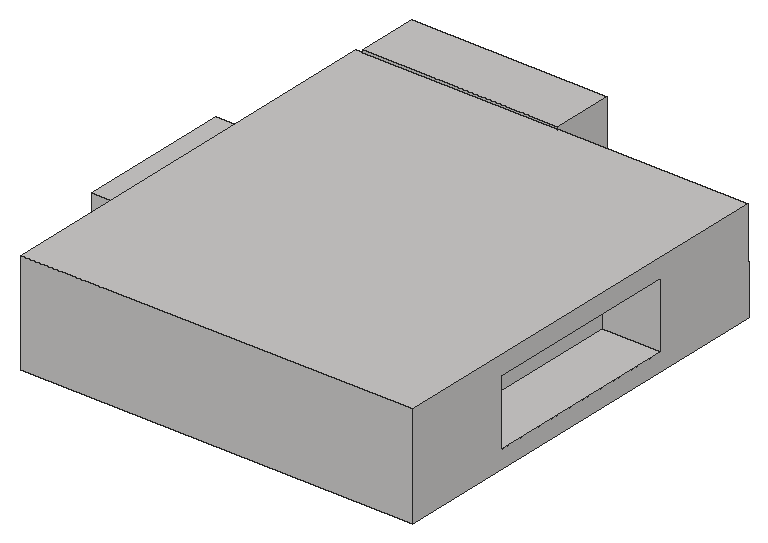
Revit family
Parameters
  Width = 3' - 7"
  Voltage = 208 V
  Unit Weight = "153.0 lbs"
  URL = "http://www.titus-hvac.com/"
  UL = "181"
  Supply Air Flow [instance] = 0 CFM
  Primary Air Pressure Drop [instance] = 0.00 in-wg
  Primary Air Flow [instance] = 0 CFM
  Plenum Air Pressure Drop [instance] = 0.00 in-wg
  Plenum Air Flow [instance] = 0 CFM
  Outlet Width = 1' - 8 1/2"
  Outlet Vertical Offset = 0' - 1 7/8"
  Outlet Horizontal Offset = 0' - 11 1/4"
  Outlet Height = 0' - 6 3/4"
  Number of Poles = 2
  Nominal Width = Width + 0' 6 1/4"  # 4' - 1 1/4"
  Nominal Length = Length + 0' 3 3/8"  # 3' - 7 5/8"
  Nominal Inlet Width = 1' - 4"
  Nominal Inlet Height = 0' - 8"
  Nominal Height = 0' - 10 3/4"
  No. of Motors = 2
  NFPA = "90A"
  Model = "DFLS"
  Min. Air Flow = 0 CFM
  Max. Air Flow = 1860 CFM
  Material = Steel
  Manufacturer = "Titus"
  Length = 3' - 4 1/4"
  Juction Box Offset = 0' - 0 3/4"
  Inlet Width = Nominal Inlet Width - 0' 0 1/8"  # 1' - 3 7/8"
  Inlet Height = Nominal Inlet Height - 0' 0 1/8"  # 0' - 7 7/8"
  Induced Air Inlet Offset V = 0' - 0 7/8"
  Induced Air Inlet Offset = 0' - 1 1/8"
  Induced Air Inlet Width = 0' - 10 3/8"
  Induced Air Inlet Height = 0' - 8 3/4"
  Induced Air Filter = no
  Height = 0' - 10 1/2"
  Heating Total Capacity [instance] = 0 Btu/h
  Half Outlet Connection Width = Outlet Width / 2  # 0' - 10 1/4"
  Half Outlet Connection Height = Outlet Height / 2  # 0' - 3 3/8"
  Half Height Start = -(Height / 2)  # -0' - 5 1/4"
  Half Height End = Height / 2  # 0' - 5 1/4"
  HP-Motor = "1/6"
  Full Load Amps = 3.4 A
  Frequency = 60 Hz
  Foil Face Liner = Choose Liner Option = 1  # no
  Fiber Free Liner = Choose Liner Option = 2  # no
  Fan Disconnect Switch = no
  Description = "Series Fan Powered Terminal Unit, Direct Digital Control, Pressure Independent, Low Profile"
  Connection Void Radius = Connection Radius - 0' 0 1/4"  # 0' - 3 11/16"
  Connection Radius = Inlet Height / 2  # 0' - 3 15/16"
  Choose Liner Option = 0
  CADworks URL = "www.CADworks.net"
  Assembly Code = "D3040100"
  Apparent Power = Voltage * Full Load Amps  # 707.2 VA
  Air Inlet Offset = 1' - 9 5/8"
  1/2" Fiberglass Liner = Choose Liner Option = 0  # yes
Reference planes (in)
  plane 1 "Center (Front/Back)": y = 0
  plane 2: z = 0
  plane 3 "Center (Left/Right)": x = 3
  plane 4: x = -17.125
  plane 5: x = 23.125
  plane 6: x = -16.375
  plane 7: x = -20.5
  plane 8 "Center (Elevation)": z = 0
  plane 9: y = -21.5
  plane 10: y = 21.5
  plane 11: y = -0.125
  plane 12: y = -20.375
  plane 13: x = -11.125
  plane 14: x = 17.125
  plane 15: z = 5.25
  plane 16: z = -5.25
  plane 17: y = 27.75
  plane 18: y = 20.375
Forms (in)
  Extrusion 1, solid, material "Steel" <- "Material"
    sketch origin (0, 0, 0) x (1, 0, 0) y (0, 1, 0)
      loop
        line (-17.125, 21.5) -> (-17.125, -21.5) -> (23.125, -21.5) -> (23.125, 21.5) -> (-17.125, 21.5)
    from -5.25 <- "Half Height Start" to 5.25 <- "Half Height End"
  Extrusion 2, solid, material "Steel" <- "Material"
    sketch origin (2.25, 0, -4.125) x (1, 0, 0) y (0, 1, 0)
      loop
        line (-18.625, 21.5) -> (1.375, 21.5) -> (1.375, 27.75) -> (-18.625, 27.75) -> (-18.625, 21.5)
    from 0 to 9.625
  Extrusion 3, void
    sketch origin (23.125, 21.5, -0.5) x (0, 1, 0) y (0, 0, -1)
      loop
        line (-11.25, -3.875) -> (-11.25, 2.875) -> (-31.75, 2.875) -> (-31.75, -3.875) -> (-11.25, -3.875)
    from 0 to 6
  Extrusion 4, solid, material "Steel" <- "Material"
    sketch origin (-26.9375, -3.125, 0) x (0, 0, -1) y (0, 1, 0)
      loop
        line (-3.9375, -4.9375) -> (3.9375, -4.9375) -> (3.9375, 10.9375) -> (-3.9375, 10.9375) -> (-3.9375, -4.9375)
    from 6.4375 to 9.8125
  Extrusion 5, void
    sketch origin (-17.125, -21.5, 0) x (0, -1, 0) y (0, 0, -1)
      loop
        line (-11.5, -4.375) -> (-1.125, -4.375) -> (-1.125, 4.375) -> (-11.5, 4.375) -> (-11.5, -4.375)
    from 0 to 6
  Extrusion 6, void
    sketch origin (-27.9375, -11, 0) x (0, 1, 0) y (0, 0, 1)
      loop
        line (18.5625, 3.6875) -> (3.1875, 3.6875) -> (3.1875, -3.6875) -> (18.5625, -3.6875) -> (18.5625, 3.6875)
    from 7.4375 to 16.8125
  Extrusion 7, void
    sketch origin (-17.125, 21.5, 0) x (0, 1, 0) y (0, 0, 1)
      loop
        line (-11.5, 4.375) -> (-11.5, -4.375) -> (-1.125, -4.375) -> (-1.125, 4.375) -> (-11.5, 4.375)
    from 0 to 6
Cuts and joins
  Extrusion 3, Extrusion 5, Extrusion 6, Extrusion 7 cuts Extrusion 1
  Extrusion 6 cuts Extrusion 4
Dimensions and locks (in)
  "Length": plane 5 to plane 4
  equal spacing: plane 5, plane 3 "Center (Left/Right)", plane 4, locked at 20.125 each
  locked: Extrusion 2 to Extrusion 2 at 20
  "Juction Box Offset": plane 6 to plane 4
  "Outlet Height": Extrusion 3 sketch curve to Extrusion 3 sketch curve
  "Outlet Width": Extrusion 3 sketch curve to Extrusion 3 sketch curve
  locked: plane 4 to plane 7 at 3.375
  "Width": plane 9 to plane 10
  equal spacing: plane 9, plane 1 "Center (Front/Back)", plane 10, locked at 21.5 each
  locked: Extrusion 2 to Extrusion 2 at 6.25
  "Air Inlet Offset": plane 10 to plane 11
  "Induced Air Inlet Offset": plane 9 to plane 12
  "Induced Air Inlet Width": Extrusion 5 sketch curve to Extrusion 5 sketch curve
  "Induced Air Inlet Height": Extrusion 5 sketch curve to Extrusion 5 sketch curve
  "Induced Air Inlet Offset": Extrusion 5 sketch curve to plane 9
  "Inlet Width": Extrusion 4 sketch curve to Extrusion 4 sketch curve
  equal spacing: Extrusion 4 sketch curve, plane 11, Extrusion 4 sketch curve
  "Inlet Height": Extrusion 4 sketch curve to Extrusion 4 sketch curve
  equal spacing: Extrusion 4 sketch curve, plane 8 "Center (Elevation)", Extrusion 4 sketch curve
  equal spacing: Extrusion 3 sketch curve, plane 8 "Center (Elevation)", Extrusion 3 sketch curve, locked at 3.375 each
  "Outlet Horizontal Offset": plane 10 to Extrusion 3 sketch curve
  "Induced Air Inlet Offset V": cut or joined group of Extrusion 1, Extrusion 3, Extrusion 5, Extrusion 6, Extrusion 7 to Extrusion 5 sketch curve
  "Induced Air Inlet Width": Extrusion 7 sketch curve to Extrusion 7 sketch curve
  "Induced Air Inlet Height": Extrusion 7 sketch curve to Extrusion 7 sketch curve
  locked: plane 4 to plane 13 at 6
  locked: plane 14 to plane 5 at 6
  locked: Extrusion 2 to Extrusion 2 at 9.625
  locked: plane 16 to Extrusion 2 at 1.125
  equal spacing: plane 15, level, plane 16, locked at 5.25 each
  "Induced Air Inlet Offset": Extrusion 7 sketch curve to plane 10
  "Induced Air Inlet Offset V": plane 15 to Extrusion 7 sketch curve
  "Inlet Width": cut or joined group of Extrusion 4, Extrusion 6 to cut or joined group of Extrusion 4, Extrusion 6
  equal spacing: cut or joined group of Extrusion 4, Extrusion 6, plane 11, cut or joined group of Extrusion 4, Extrusion 6, locked at 7.9375 each
  locked: cut or joined group of Extrusion 4, Extrusion 6 to cut or joined group of Extrusion 4, Extrusion 6 at 0.25  (x4)
  "Inlet Height": cut or joined group of Extrusion 4, Extrusion 6 to cut or joined group of Extrusion 4, Extrusion 6
  equal spacing: cut or joined group of Extrusion 4, Extrusion 6, level, cut or joined group of Extrusion 4, Extrusion 6, locked at 3.9375 each
  "Induced Air Inlet Offset": plane 18 to plane 10
  aligned and locked: Extrusion 3 to plane 14
  aligned and locked: Extrusion 5 to Extrusion 6
  aligned and locked: Extrusion 6 to plane 7
  aligned and locked: Extrusion 6 to Extrusion 7
  aligned and locked: plane 15 to cut or joined group of Extrusion 1, Extrusion 3, Extrusion 5, Extrusion 6, Extrusion 7
  aligned and locked: plane 16 to cut or joined group of Extrusion 1, Extrusion 3, Extrusion 5, Extrusion 6, Extrusion 7
  aligned and locked: plane 9 to cut or joined group of Extrusion 1, Extrusion 3, Extrusion 5, Extrusion 6, Extrusion 7
  aligned and locked: plane 10 to cut or joined group of Extrusion 1, Extrusion 3, Extrusion 5, Extrusion 6, Extrusion 7
  aligned and locked: plane 10 to Extrusion 2
  aligned and locked: plane 17 to Extrusion 2
  aligned and locked: plane 6 to Extrusion 2
  aligned and locked: plane 5 to cut or joined group of Extrusion 1, Extrusion 3, Extrusion 5, Extrusion 6, Extrusion 7  (x2)
  aligned and locked: plane 4 to cut or joined group of Extrusion 1, Extrusion 3, Extrusion 5, Extrusion 6, Extrusion 7  (x3)
  aligned and locked: plane 12 to cut or joined group of Extrusion 1, Extrusion 3, Extrusion 5, Extrusion 6, Extrusion 7
  aligned and locked: plane 13 to cut or joined group of Extrusion 1, Extrusion 3, Extrusion 5, Extrusion 6, Extrusion 7  (x3)
  aligned and locked: plane 7 to cut or joined group of Extrusion 4, Extrusion 6  (x2)
  aligned and locked: plane 4 to cut or joined group of Extrusion 4, Extrusion 6
  aligned and locked: plane 18 to cut or joined group of Extrusion 1, Extrusion 3, Extrusion 5, Extrusion 6, Extrusion 7
  aligned and locked: plane 14 to cut or joined group of Extrusion 1, Extrusion 3, Extrusion 5, Extrusion 6, Extrusion 7
Automatic sketch dimensions
  Extrusion 1 sketch curve to plane 4 = 0' - 0"
  Extrusion 1 sketch curve to plane 5 = 0' - 0"
  Extrusion 1 sketch curve to plane 9 = 0' - 0"
  Extrusion 1 sketch curve to plane 10 = 0' - 0"
  Extrusion 2 sketch curve to plane 6 = 0' - 0"
  Extrusion 2 sketch curve to plane 10 = 0' - 0"
  plane 3 "Center (Left/Right)" to Extrusion 2 sketch curve = 0' - 0 5/8"
  Extrusion 2 sketch curve to Extrusion 2 sketch curve = 0' - 6 1/4"
  level to Extrusion 6 sketch curve = 0' - 3 11/16"
  plane 11 to Extrusion 6 sketch curve = 0' - 7 11/16"
  Extrusion 6 sketch curve to level = 0' - 3 11/16"
  Extrusion 6 sketch curve to plane 1 "Center (Front/Back)" = 0' - 7 9/16"
Connectors (in)
  electrical at (-6.375, 27.75, 0.6875), driven by "Apparent Power", driven by "Voltage", driven by "Number of Poles"
    settings: on Extrusion 2, index 8
  hvac at (-20.5, -0.125, 0), driven by "Nominal Inlet Height", driven by "Nominal Inlet Width", driven by "Primary Air Pressure Drop", driven by "Primary Air Flow"
    settings: on cut or joined group of Extrusion 4, Extrusion 6, index 12
  hvac at (-17.125, -15.1875, 0), driven by "Induced Air Inlet Height", driven by "Induced Air Inlet Width", driven by "Plenum Air Pressure Drop", driven by "Plenum Air Flow"
    settings: on cut or joined group of Extrusion 1, Extrusion 3, Extrusion 5, Extrusion 6, Extrusion 7, index 14
  hvac at (23.125, 0, 0), driven by "Outlet Height", driven by "Outlet Width", driven by "Supply Air Flow"
    settings: on cut or joined group of Extrusion 1, Extrusion 3, Extrusion 5, Extrusion 6, Extrusion 7, index 16
  hvac at (-17.125, 15.1875, 0), driven by "Induced Air Inlet Height", driven by "Induced Air Inlet Width", driven by "Plenum Air Pressure Drop", driven by "Plenum Air Flow"
    settings: on cut or joined group of Extrusion 1, Extrusion 3, Extrusion 5, Extrusion 6, Extrusion 7, index 17
